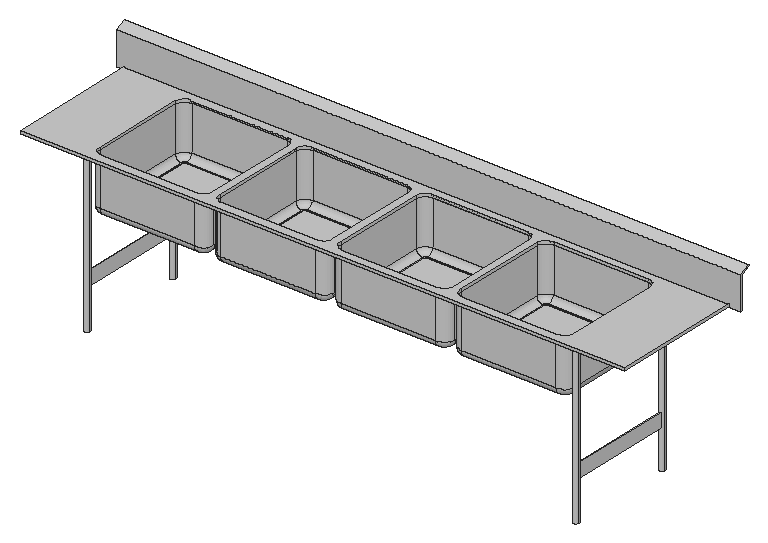
Revit family
Parameters (values of type "80" Width")
  Assembly Code = "E1090320"
  Counter Height = 2' - 10"
  Depth = 2' - 7"
  Left Drainboard = 1' - 3 1/4"
  Right Drainboard = 1' - 3 1/4"
  Width = 6' - 8"
Types (5): name | Assembly Code | Counter Height | Depth | Left Drainboard | Right Drainboard | Width
  (no name) | "E1090320" | 2' - 10" | 2' - 7" | 1' - 3 1/4" | 1' - 3 1/4" | 6' - 8"
  101" Width | "E1090320" | 2' - 10" | 2' - 7" | 2' - 1 3/4" | 2' - 1 3/4" | 8' - 5"
  80" Width | "E1090320" | 2' - 10" | 2' - 7" | 1' - 3 1/4" | 1' - 3 1/4" | 6' - 8"
  60" Width | "E1090320" | 2' - 10" | 2' - 7" | 0' - 5 1/4" | 0' - 5 1/4" | 5' - 0"
  2032mm Width | "" | 2' - 9.85827" | 2' - 6.90551" | 1' - 3.15748" | 1' - 3.15748" | 6' - 8"
Reference planes (in)
  plane 1 "Center F/B": y = -2.65766
  plane 2: z = 0
  plane 3 "Center L/R": x = 0.61769
  plane 4: y = 10.84234
  plane 5: y = -16.65766
  plane 6 "Top Of Counter": z = 34
  plane 7: z = 34.5
  plane 8: z = 23
  plane 9: y = 9.09234
  plane 10: x = -24.13231
  plane 11: y = -14.90766
  plane 12: x = 25.36769
  plane 13: z = 37.5
  plane 14: x = -0.13231
  plane 15: x = 1.36769
  plane 16: x = -11.75731
  plane 17: x = 12.99269
  plane 18: y = 12.84234
  plane 19: x = -39.38231
  plane 20: x = 40.61769
  plane 21: y = -18.15766
  plane 22: x = 52.36769
  plane 23: x = 50.86769
Forms (in)
  Extrusion 1, solid, material "Metal - Stainless Steel, Polished Plain"
    sketch origin (0, 0, 0) x (1, 0, 0) y (0, 1, 0)
      loop
        line (-37.88231, 10.84234) -> (-37.88231, -16.65766) -> (90.11769, -16.65766) -> (90.11769, 10.84234) -> (-37.88231, 10.84234)
      loop
        arc (-22.13231, 9.09234) -> (-23.54653, 8.50655) -> (-24.13231, 7.09234) r 2
        line (-24.13231, 7.09234) -> (-24.13231, -12.90766)
        arc (-24.13231, -12.90766) -> (-23.54653, -14.32187) -> (-22.13231, -14.90766) r 2
        line (-22.13231, -14.90766) -> (-2.13231, -14.90766)
        arc (-2.13231, -14.90766) -> (-0.7181, -14.32187) -> (-0.13231, -12.90766) r 2
        line (-0.13231, -12.90766) -> (-0.13231, 7.09234)
        arc (-0.13231, 7.09234) -> (-0.7181, 8.50655) -> (-2.13231, 9.09234) r 2
        line (-2.13231, 9.09234) -> (-22.13231, 9.09234)
      loop
        arc (23.36769, -14.90766) -> (24.7819, -14.32187) -> (25.36769, -12.90766) r 2
        line (25.36769, -12.90766) -> (25.36769, 7.09234)
        arc (25.36769, 7.09234) -> (24.7819, 8.50655) -> (23.36769, 9.09234) r 2
        line (23.36769, 9.09234) -> (3.36769, 9.09234)
        arc (3.36769, 9.09234) -> (1.95347, 8.50655) -> (1.36769, 7.09234) r 2
        line (1.36769, 7.09234) -> (1.36769, -12.90766)
        arc (1.36769, -12.90766) -> (1.95347, -14.32187) -> (3.36769, -14.90766) r 2
        line (3.36769, -14.90766) -> (23.36769, -14.90766)
      loop
        line (74.36769, 9.09234) -> (54.36769, 9.09234)
        arc (54.36769, 9.09234) -> (52.95347, 8.50655) -> (52.36769, 7.09234) r 2
        line (52.36769, 7.09234) -> (52.36769, -12.90766)
        arc (52.36769, -12.90766) -> (52.95347, -14.32187) -> (54.36769, -14.90766) r 2
        line (54.36769, -14.90766) -> (74.36769, -14.90766)
        arc (74.36769, -14.90766) -> (75.7819, -14.32187) -> (76.36769, -12.90766) r 2
        line (76.36769, -12.90766) -> (76.36769, 7.09234)
        arc (76.36769, 7.09234) -> (75.7819, 8.50655) -> (74.36769, 9.09234) r 2
      loop
        line (28.86769, -14.90766) -> (48.86769, -14.90766)
        arc (48.86769, -14.90766) -> (50.2819, -14.32187) -> (50.86769, -12.90766) r 2
        line (50.86769, -12.90766) -> (50.86769, 7.09234)
        arc (50.86769, 7.09234) -> (50.2819, 8.50655) -> (48.86769, 9.09234) r 2
        line (48.86769, 9.09234) -> (28.86769, 9.09234)
        arc (28.86769, 9.09234) -> (27.45347, 8.50655) -> (26.86769, 7.09234) r 2
        line (26.86769, 7.09234) -> (26.86769, -12.90766)
        arc (26.86769, -12.90766) -> (27.45347, -14.32187) -> (28.86769, -14.90766) r 2
    from 34 to 34.5
  Sweep 2, solid, material "Metal - Stainless Steel, Polished Plain"
    path origin (0, 0, 0) x (1, 0, 0) y (0, 1, 0)
      loop
        arc (-22.13231, 9.09234) -> (-23.54653, 8.50655) -> (-24.13231, 7.09234) r 2
        line (-24.13231, 7.09234) -> (-24.13231, -12.90766)
        arc (-24.13231, -12.90766) -> (-23.54653, -14.32187) -> (-22.13231, -14.90766) r 2
        line (-22.13231, -14.90766) -> (-2.13231, -14.90766)
        arc (-2.13231, -14.90766) -> (-0.7181, -14.32187) -> (-0.13231, -12.90766) r 2
        line (-0.13231, -12.90766) -> (-0.13231, 7.09234)
        arc (-0.13231, 7.09234) -> (-0.7181, 8.50655) -> (-2.13231, 9.09234) r 2
        line (-2.13231, 9.09234) -> (-22.13231, 9.09234)
    profile origin (-12.13231, 0, 0) x (0, 1, 0) y (0, 0, 1)
      loop
        line (9.09234, 34) -> (9.09234, 24.5)
        arc (9.09234, 24.5) -> (8.72622, 23.61612) -> (7.84234, 23.25) r 1.25
        line (7.84234, 23.25) -> (7.59234, 23.25) -> (7.59234, 23) -> (7.84234, 23)
        arc (7.84234, 23) -> (8.903, 23.43934) -> (9.34234, 24.5) r 1.5
        line (9.34234, 24.5) -> (9.34234, 34) -> (9.09234, 34)
  Extrusion 3, solid, material "Metal - Stainless Steel, Polished Plain"
    sketch origin (0, 0, 0) x (1, 0, 0) y (0, 1, 0)
      loop
        arc (-22.13231, 7.59234) -> (-22.48587, 7.44589) -> (-22.63231, 7.09234) r 0.5
        line (-22.63231, 7.09234) -> (-22.63231, -12.90766)
        arc (-22.63231, -12.90766) -> (-22.48587, -13.26121) -> (-22.13231, -13.40766) r 0.5
        line (-22.13231, -13.40766) -> (-2.13231, -13.40766)
        arc (-2.13231, -13.40766) -> (-1.77876, -13.26121) -> (-1.63231, -12.90766) r 0.5
        line (-1.63231, -12.90766) -> (-1.63231, 7.09234)
        arc (-1.63231, 7.09234) -> (-1.77876, 7.44589) -> (-2.13231, 7.59234) r 0.5
        line (-2.13231, 7.59234) -> (-22.13231, 7.59234)
      loop
        circle (-11.75731, -2.65766) r 1
    from 23 to 23.25
  Sweep 4, solid, material "Metal - Stainless Steel, Polished Plain"
    path origin (1.23537, 0, 0) x (-1, 0, 0) y (0, -1, 0)
      loop
        line (-22.13231, -9.09234) -> (-2.13231, -9.09234)
        arc (-2.13231, -9.09234) -> (-0.7181, -8.50655) -> (-0.13231, -7.09234) r 2
        line (-0.13231, -7.09234) -> (-0.13231, 12.90766)
        arc (-0.13231, 12.90766) -> (-0.7181, 14.32187) -> (-2.13231, 14.90766) r 2
        line (-2.13231, 14.90766) -> (-22.13231, 14.90766)
        arc (-22.13231, 14.90766) -> (-23.54653, 14.32187) -> (-24.13231, 12.90766) r 2
        line (-24.13231, 12.90766) -> (-24.13231, -7.09234)
        arc (-24.13231, -7.09234) -> (-23.54653, -8.50655) -> (-22.13231, -9.09234) r 2
    profile origin (13.36769, 0, 0) x (0, -1, 0) y (0, 0, 1)
      loop
        line (-9.09234, 34) -> (-9.34234, 34) -> (-9.34234, 24.5)
        arc (-9.34234, 24.5) -> (-8.903, 23.43934) -> (-7.84234, 23) r 1.5
        line (-7.84234, 23) -> (-7.59234, 23) -> (-7.59234, 23.25) -> (-7.84234, 23.25)
        arc (-7.84234, 23.25) -> (-8.72622, 23.61612) -> (-9.09234, 24.5) r 1.25
        line (-9.09234, 24.5) -> (-9.09234, 34)
  Extrusion 5, solid, material "Metal - Stainless Steel, Polished Plain"
    sketch origin (0, 0, 0) x (1, 0, 0) y (0, 1, 0)
      loop
        arc (3.36769, 7.69424) -> (3.01413, 7.5478) -> (2.86769, 7.19424) r 0.5
        line (2.86769, 7.19424) -> (2.86769, -12.90766)
        arc (2.86769, -12.90766) -> (3.01413, -13.26121) -> (3.36769, -13.40766) r 0.5
        line (3.36769, -13.40766) -> (23.36769, -13.40766)
        arc (23.36769, -13.40766) -> (23.72124, -13.26121) -> (23.86769, -12.90766) r 0.5
        line (23.86769, -12.90766) -> (23.86769, 7.19424)
        arc (23.86769, 7.19424) -> (23.72124, 7.5478) -> (23.36769, 7.69424) r 0.5
        line (23.36769, 7.69424) -> (3.36769, 7.69424)
      loop
        circle (12.99269, -2.65766) r 1
    from 23 to 23.25
  Extrusion 6, solid, material "Metal - Stainless Steel, Polished Plain"
    sketch origin (-27.13231, 0, 0) x (0, -1, 0) y (0, 0, 1)
      loop
        line (-10.84234, 34) -> (-10.84234, 41.0316) -> (-12.84234, 42) -> (-12.84234, 41.72224) -> (-11.09234, 40.87488) -> (-11.09234, 34) -> (-10.84234, 34)
    from 12.25 to -67.75
  Extrusion 7, solid, material "Metal - Stainless Steel, Polished Plain"
    sketch origin (0, 0, 0) x (1, 0, 0) y (0, 1, 0)
      loop
        circle (-25.63231, 8.46734) r 0.625
      loop
        circle (-25.63231, -14.28266) r 0.625
      loop
        circle (77.86769, -14.28266) r 0.625
      loop
        circle (77.86769, 8.46734) r 0.625
    from 0 to 34
  Extrusion 8, solid, material "Metal - Stainless Steel, Polished Plain"
    sketch origin (0, 0, 0) x (1, 0, 0) y (0, 1, 0)
      loop
        line (-25.88231, 8.46734) -> (-25.88231, -14.28266) -> (-25.63231, -14.28266) -> (-25.63231, 8.46734) -> (-25.88231, 8.46734)
      loop
        line (78.11769, 8.46734) -> (77.86769, 8.46734) -> (77.86769, -14.28266) -> (78.11769, -14.28266) -> (78.11769, 8.46734)
    from 8 to 11
  Sweep 9, solid, material "Metal - Stainless Steel, Polished Plain"
    path origin (52.23537, 0, 0) x (-1, 0, 0) y (0, 1, 0)
      loop
        arc (-22.13231, 9.09234) -> (-23.54653, 8.50655) -> (-24.13231, 7.09234) r 2
        line (-24.13231, 7.09234) -> (-24.13231, -12.90766)
        arc (-24.13231, -12.90766) -> (-23.54653, -14.32187) -> (-22.13231, -14.90766) r 2
        line (-22.13231, -14.90766) -> (-2.13231, -14.90766)
        arc (-2.13231, -14.90766) -> (-0.7181, -14.32187) -> (-0.13231, -12.90766) r 2
        line (-0.13231, -12.90766) -> (-0.13231, 7.09234)
        arc (-0.13231, 7.09234) -> (-0.7181, 8.50655) -> (-2.13231, 9.09234) r 2
        line (-2.13231, 9.09234) -> (-22.13231, 9.09234)
    profile origin (64.36769, 0, 0) x (0, -1, 0) y (0, 0, 1)
      loop
        line (-9.09234, 34) -> (-9.34234, 34) -> (-9.34234, 24.5)
        arc (-9.34234, 24.5) -> (-8.903, 23.43934) -> (-7.84234, 23) r 1.5
        line (-7.84234, 23) -> (-7.59234, 23) -> (-7.59234, 23.25) -> (-7.84234, 23.25)
        arc (-7.84234, 23.25) -> (-8.72622, 23.61612) -> (-9.09234, 24.5) r 1.25
        line (-9.09234, 24.5) -> (-9.09234, 34)
  Extrusion 10, solid, material "Metal - Stainless Steel, Polished Plain"
    sketch origin (52.23537, 0, 0) x (-1, 0, 0) y (0, -1, 0)
      loop
        line (-22.13231, -7.59234) -> (-2.13231, -7.59234)
        arc (-2.13231, -7.59234) -> (-1.77876, -7.44589) -> (-1.63231, -7.09234) r 0.5
        line (-1.63231, -7.09234) -> (-1.63231, 12.90766)
        arc (-1.63231, 12.90766) -> (-1.77876, 13.26121) -> (-2.13231, 13.40766) r 0.5
        line (-2.13231, 13.40766) -> (-22.13231, 13.40766)
        arc (-22.13231, 13.40766) -> (-22.48587, 13.26121) -> (-22.63231, 12.90766) r 0.5
        line (-22.63231, 12.90766) -> (-22.63231, -7.09234)
        arc (-22.63231, -7.09234) -> (-22.48587, -7.44589) -> (-22.13231, -7.59234) r 0.5
      loop
        circle (-11.75731, 2.65766) r 1
    from 23 to 23.25
  Sweep 11, solid, material "Metal - Stainless Steel, Polished Plain"
    path origin (51, 0, 0) x (1, 0, 0) y (0, 1, 0)
      loop
        arc (-22.13231, 9.09234) -> (-23.54653, 8.50655) -> (-24.13231, 7.09234) r 2
        line (-24.13231, 7.09234) -> (-24.13231, -12.90766)
        arc (-24.13231, -12.90766) -> (-23.54653, -14.32187) -> (-22.13231, -14.90766) r 2
        line (-22.13231, -14.90766) -> (-2.13231, -14.90766)
        arc (-2.13231, -14.90766) -> (-0.7181, -14.32187) -> (-0.13231, -12.90766) r 2
        line (-0.13231, -12.90766) -> (-0.13231, 7.09234)
        arc (-0.13231, 7.09234) -> (-0.7181, 8.50655) -> (-2.13231, 9.09234) r 2
        line (-2.13231, 9.09234) -> (-22.13231, 9.09234)
    profile origin (38.86769, 0, 0) x (0, 1, 0) y (0, 0, 1)
      loop
        line (9.09234, 34) -> (9.09234, 24.5)
        arc (9.09234, 24.5) -> (8.72622, 23.61612) -> (7.84234, 23.25) r 1.25
        line (7.84234, 23.25) -> (7.59234, 23.25) -> (7.59234, 23) -> (7.84234, 23)
        arc (7.84234, 23) -> (8.903, 23.43934) -> (9.34234, 24.5) r 1.5
        line (9.34234, 24.5) -> (9.34234, 34) -> (9.09234, 34)
  Extrusion 12, solid, material "Metal - Stainless Steel, Polished Plain"
    sketch origin (52.23537, 0, 0) x (-1, 0, 0) y (0, -1, 0)
      loop
        line (3.36769, -7.69424) -> (23.36769, -7.69424)
        arc (23.36769, -7.69424) -> (23.72124, -7.5478) -> (23.86769, -7.19424) r 0.5
        line (23.86769, -7.19424) -> (23.86769, 12.90766)
        arc (23.86769, 12.90766) -> (23.72124, 13.26121) -> (23.36769, 13.40766) r 0.5
        line (23.36769, 13.40766) -> (3.36769, 13.40766)
        arc (3.36769, 13.40766) -> (3.01413, 13.26121) -> (2.86769, 12.90766) r 0.5
        line (2.86769, 12.90766) -> (2.86769, -7.19424)
        arc (2.86769, -7.19424) -> (3.01413, -7.5478) -> (3.36769, -7.69424) r 0.5
      loop
        circle (12.99269, 2.65766) r 1
    from 23 to 23.25
  Extrusion 13, solid, material "Metal - Stainless Steel, Polished Plain"
    sketch origin (24.86769, 0, 0) x (0, -1, 0) y (0, 0, 1)
      loop
        line (-10.84234, 34) -> (-10.84234, 41.0316) -> (-12.84234, 42) -> (-12.84234, 41.72224) -> (-11.09234, 40.87488) -> (-11.09234, 34) -> (-10.84234, 34)
    from 12.25 to -67.75
Cuts and joins
  joined: Extrusion 6, Extrusion 13
Lines and regions (in)
  symbolic lines, style "Plan Rep"
    curve 1: line (91.61769, 10.84234, 0) -> (-39.38231, 10.84234, 0)
    curve 2: line (-37.88231, -16.65766, 0) -> (39.11769, -16.65766, 0)
    curve 3: line (-37.88231, 10.84234, 0) -> (-37.88231, -16.65766, 0)
    curve 4: line (-24.13231, 7.09234, 0) -> (-24.13231, -12.90766, 0)
    curve 5: line (-22.13231, -14.90766, 0) -> (-2.13231, -14.90766, 0)
    curve 6: line (25.36769, -12.90766, 0) -> (25.36769, 7.09234, 0)
    curve 7: line (23.36769, 9.09234, 0) -> (3.36769, 9.09234, 0)
    curve 8: arc (25.36769, 7.09234, 0) -> (24.7819, 8.50655, 0) -> (23.36769, 9.09234, 0) r 2
    curve 9: arc (23.36769, -14.90766, 0) -> (24.7819, -14.32187, 0) -> (25.36769, -12.90766, 0) r 2
    curve 10: arc (-24.13231, -12.90766, 0) -> (-23.54653, -14.32187, 0) -> (-22.13231, -14.90766, 0) r 2
    curve 11: arc (-22.13231, 9.09234, 0) -> (-23.54653, 8.50655, 0) -> (-24.13231, 7.09234, 0) r 2
    curve 12: line (-0.13231, 7.09234, 0) -> (-0.13231, -12.90766, 0)
    curve 13: line (1.36769, 7.09234, 0) -> (1.36769, -12.90766, 0)
    curve 14: line (3.36769, -14.90766, 0) -> (23.36769, -14.90766, 0)
    curve 15: line (-2.13231, 9.09234, 0) -> (-22.13231, 9.09234, 0)
    curve 16: arc (3.36769, 9.09234, 0) -> (1.95347, 8.50655, 0) -> (1.36769, 7.09234, 0) r 2
    curve 17: arc (1.36769, -12.90766, 0) -> (1.95347, -14.32187, 0) -> (3.36769, -14.90766, 0) r 2
    curve 18: arc (-0.13231, -12.90766, 0) -> (-0.7181, -14.32187, 0) -> (-2.13231, -14.90766, 0) r 2
    curve 19: arc (-0.13231, 7.09234, 0) -> (-0.7181, 8.50655, 0) -> (-2.13231, 9.09234, 0) r 2
    curve 20: arc (-12.75731, -2.65766, 0) -> (-11.75731, -1.65766, 0) -> (-10.75731, -2.65766, 0) r 1
    curve 21: arc (-10.75731, -2.65766, 0) -> (-11.75731, -3.65766, 0) -> (-12.75731, -2.65766, 0) r 1
    curve 22: arc (11.99269, -2.65766, 0) -> (12.99269, -1.65766, 0) -> (13.99269, -2.65766, 0) r 1
    curve 23: arc (13.99269, -2.65766, 0) -> (12.99269, -3.65766, 0) -> (11.99269, -2.65766, 0) r 1
    curve 24: line (-39.38231, 12.84234, 0) -> (91.61769, 12.84234, 0)
    curve 25: line (-39.38231, -18.15766, 0) -> (-39.38231, 12.84234, 0)
    curve 26: line (91.61769, -18.15766, 0) -> (-39.38231, -18.15766, 0)
    curve 27: line (91.61769, 12.84234, 0) -> (91.61769, -18.15766, 0)
    curve 28: line (-24.88231, 10.84234, 0) -> (-24.88231, -16.65766, 0)
    curve 29: line (76.36769, 7.09234, 0) -> (76.36769, -12.90766, 0)
    curve 30: line (74.36769, -14.90766, 0) -> (54.36769, -14.90766, 0)
    curve 31: line (26.86769, -12.90766, 0) -> (26.86769, 7.09234, 0)
    curve 32: line (28.86769, 9.09234, 0) -> (48.86769, 9.09234, 0)
    curve 33: arc (26.86769, 7.09234, 0) -> (27.45347, 8.50655, 0) -> (28.86769, 9.09234, 0) r 2
    curve 34: arc (28.86769, -14.90766, 0) -> (27.45347, -14.32187, 0) -> (26.86769, -12.90766, 0) r 2
    curve 35: arc (76.36769, -12.90766, 0) -> (75.7819, -14.32187, 0) -> (74.36769, -14.90766, 0) r 2
    curve 36: arc (74.36769, 9.09234, 0) -> (75.7819, 8.50655, 0) -> (76.36769, 7.09234, 0) r 2
    curve 37: line (52.36769, 7.09234, 0) -> (52.36769, -12.90766, 0)
    curve 38: line (50.86769, 7.09234, 0) -> (50.86769, -12.90766, 0)
    curve 39: line (48.86769, -14.90766, 0) -> (28.86769, -14.90766, 0)
    curve 40: line (54.36769, 9.09234, 0) -> (74.36769, 9.09234, 0)
    curve 41: arc (48.86769, 9.09234, 0) -> (50.2819, 8.50655, 0) -> (50.86769, 7.09234, 0) r 2
    curve 42: arc (50.86769, -12.90766, 0) -> (50.2819, -14.32187, 0) -> (48.86769, -14.90766, 0) r 2
    curve 43: arc (52.36769, -12.90766, 0) -> (52.95347, -14.32187, 0) -> (54.36769, -14.90766, 0) r 2
    curve 44: arc (52.36769, 7.09234, 0) -> (52.95347, 8.50655, 0) -> (54.36769, 9.09234, 0) r 2
    curve 45: arc (64.99269, -2.65766, 0) -> (63.99269, -1.65766, 0) -> (62.99269, -2.65766, 0) r 1
    curve 46: arc (62.99269, -2.65766, 0) -> (63.99269, -3.65766, 0) -> (64.99269, -2.65766, 0) r 1
    curve 47: arc (40.24269, -2.65766, 0) -> (39.24269, -1.65766, 0) -> (38.24269, -2.65766, 0) r 1
    curve 48: arc (38.24269, -2.65766, 0) -> (39.24269, -3.65766, 0) -> (40.24269, -2.65766, 0) r 1
    curve 49: line (77.11769, 10.84234, 0) -> (77.11769, -16.65766, 0)
Dimensions and locks (in)
  "Counter Height": plane 6 "Top Of Counter" to plane 2
  locked: plane 7 to plane 6 "Top Of Counter" at 0.5
  locked: plane 6 "Top Of Counter" to plane 8 at 11
  locked: plane 9 to plane 4 at 1.75
  locked: plane 13 to plane 7 at 3
  plane 14 to plane 3 "Center L/R" to plane 15 = 0' - 0 3/4" locked, 0' - 0 3/4" locked
  locked: plane 19 to Extrusion 1 sketch curve at 1.5
  "Depth": plane 18 to plane 21
  equal spacing: plane 18, plane 1 "Center F/B", plane 21
  locked: plane 18 to plane 4 at 2
  plane 22 to plane 23 = 0' - 1 1/2"
  aligned and locked: Extrusion 1 sketch curve to plane 5
  aligned and locked: Extrusion 1 sketch curve to plane 4
  aligned and locked: plane 6 "Top Of Counter" to Extrusion 1
  aligned and locked: Extrusion 1 to plane 7
  aligned and locked: plane 9 to Extrusion 1 sketch curve
  aligned and locked: plane 12 to Extrusion 1 sketch curve
  aligned and locked: Extrusion 1 sketch curve to plane 10
  aligned and locked: Extrusion 1 sketch curve to plane 11
  aligned and locked: plane 9 to Sweep 2 sketch curve
  aligned and locked: Sweep 2 sketch curve to plane 10
  aligned and locked: Sweep 2 sketch curve to plane 11
  aligned and locked: plane 8 to Extrusion 3
  aligned and locked: plane 6 "Top Of Counter" to Sweep 2 sketch curve
  aligned and locked: Sweep 2 sketch curve to Extrusion 1
  aligned and locked: Sweep 4 sketch curve to plane 12
  aligned and locked: Sweep 4 sketch curve to Extrusion 1
  aligned and locked: Sweep 4 sketch curve to plane 9
  aligned and locked: plane 11 to Sweep 4 sketch curve
  aligned and locked: plane 8 to Extrusion 5
  aligned and locked: curve 20 to Extrusion 3
  aligned and locked: curve 22 to Extrusion 5
  aligned and locked: Sweep 4 sketch curve to plane 6 "Top Of Counter"
  aligned and locked: plane 8 to Sweep 4 sketch curve
  aligned and locked: plane 8 to Sweep 2 sketch curve
  aligned and locked: Sweep 2 sketch curve to Sweep 4
  aligned and locked: Extrusion 3 to Sweep 2
  aligned and locked: Extrusion 5 sketch curve to Sweep 4
  aligned and locked: Sweep 2 to Extrusion 3 sketch curve  (x2)
  aligned and locked: Extrusion 3 sketch curve to Sweep 2
  aligned and locked: plane 19 to Extrusion 6
  aligned and locked: Extrusion 6 to plane 20
  aligned and locked: Extrusion 7 to plane 6 "Top Of Counter"
  aligned and locked: Sweep 9 sketch curve to Sweep 11
  aligned and locked: Extrusion 10 to Sweep 9
  aligned and locked: Extrusion 12 sketch curve to Sweep 11
  aligned and locked: Extrusion 10 sketch curve to Sweep 9  (x3)
Automatic sketch dimensions
  curve 45 to curve 46 = 0' - 0"  (x2)
  curve 47 to curve 48 = 0' - 0"  (x2)
  curve 25 to plane 18 = 0' - 0"
  curve 25 to plane 19 = 0' - 0"
  curve 3 to plane 5 = 0' - 0"
  curve 3 to plane 4 = 0' - 0"
  curve 4 to plane 10 = 0' - 0"
  curve 5 to plane 11 = 0' - 0"
  curve 15 to plane 9 = 0' - 0"
  curve 14 to plane 11 = 0' - 0"
  curve 16 to plane 9 = 0' - 0"
  curve 6 to plane 12 = 0' - 0"
  curve 39 to plane 11 = 0' - 0"
  curve 33 to plane 9 = 0' - 0"
  curve 47 to plane 1 "Center F/B" = 0' - 0"
  curve 40 to plane 9 = 0' - 0"
  curve 43 to plane 11 = 0' - 0"
  curve 46 to plane 1 "Center F/B" = 0' - 0"
  curve 49 to plane 5 = 0' - 0"
  curve 26 to plane 21 = 0' - 0"
  curve 3 to plane 19 = 0' - 1 1/2"
  plane 10 to curve 28 = 0' - 0 3/4"
  curve 5 to plane 10 = 0' - 2"
  curve 15 to plane 10 = 0' - 2"
  curve 15 to plane 3 "Center L/R" = 0' - 2 3/4"
  curve 5 to plane 3 "Center L/R" = 0' - 2 3/4"
  curve 12 to plane 3 "Center L/R" = 0' - 0 3/4"
  plane 3 "Center L/R" to curve 16 = 0' - 0 3/4"
  plane 9 to curve 16 = 0' - 2"
  plane 3 "Center L/R" to curve 14 = 0' - 2 3/4"
  plane 12 to curve 7 = 0' - 2"
  plane 12 to curve 9 = 0' - 2"
  curve 6 to curve 33 = 0' - 1 1/2"
  curve 34 to curve 39 = 0' - 2"
  curve 31 to curve 33 = 0' - 2"
  plane 20 to curve 47 = 0' - 2 3/8"
  plane 20 to curve 2 = 0' - 1 1/2"
  curve 47 to curve 48 = 0' - 1"
  curve 41 to plane 20 = 0' - 8 1/4"
  curve 39 to plane 20 = 0' - 8 1/4"
  plane 9 to curve 41 = 0' - 2"
  curve 41 to curve 37 = 0' - 1 1/2"
  curve 37 to curve 40 = 0' - 2"
  curve 43 to curve 43 = 0' - 2"
  curve 44 to curve 46 = 0' - 8 5/8"
  curve 46 to curve 45 = 0' - 1"
  curve 35 to plane 11 = 0' - 2"
  curve 45 to curve 35 = 0' - 9 3/8"
  plane 9 to curve 36 = 0' - 2"
  curve 35 to curve 49 = 0' - 2 3/4"
  curve 49 to curve 27 = 1' - 2 1/2"
  Extrusion 1 sketch curve to plane 11 = 0' - 0"  (x3)
  Extrusion 1 sketch curve to plane 14 = 0' - 0"
  Extrusion 1 sketch curve to plane 15 = 0' - 0"
  Extrusion 1 sketch curve to plane 9 = 0' - 0"  (x3)
  Extrusion 1 sketch curve to plane 23 = 0' - 0"
  Extrusion 1 sketch curve to plane 22 = 0' - 0"
  Extrusion 1 sketch curve to plane 10 = 0' - 2"  (x2)
  Extrusion 1 sketch curve to Extrusion 1 sketch curve = 0' - 2"  (x6)
  plane 14 to Extrusion 1 sketch curve = 0' - 2"
  Extrusion 1 sketch curve to plane 15 = 0' - 2"  (x2)
  plane 9 to Extrusion 1 sketch curve = 0' - 2"  (x2)
  Extrusion 1 sketch curve to Extrusion 1 sketch curve = 0' - 1 1/2"
  Extrusion 1 sketch curve to plane 23 = 0' - 2"
  plane 22 to Extrusion 1 sketch curve = 0' - 2"
  Extrusion 1 sketch curve to plane 11 = 0' - 2"
  Extrusion 1 sketch curve to Extrusion 1 sketch curve = 1' - 8"
  Extrusion 1 sketch curve to Extrusion 1 sketch curve = 1' - 1 3/4"
  Sweep 2 sketch curve to plane 10 = 0' - 2"  (x2)
  Sweep 2 sketch curve to plane 3 "Center L/R" = 0' - 2 3/4"  (x2)
  Sweep 2 sketch curve to Sweep 2 sketch curve = 0' - 0"  (x2)
  Sweep 2 sketch curve to profile plane = 0' - 0"
  profile plane to Sweep 2 sketch curve = 0' - 1 1/4"
  Sweep 2 sketch curve to Sweep 2 sketch curve = 0' - 0 1/4"
  Extrusion 3 sketch curve to Extrusion 3 sketch curve = 0' - 0"  (x2)
  Extrusion 3 sketch curve to plane 1 "Center F/B" = 0' - 0"
  Extrusion 3 sketch curve to plane 16 = 0' - 0"
  Extrusion 3 sketch curve to Extrusion 3 sketch curve = 0' - 0 1/2"  (x3)
  plane 16 to Extrusion 3 sketch curve = 0' - 1"
  Extrusion 3 sketch curve to plane 3 "Center L/R" = 0' - 2 3/4"  (x2)
  plane 12 to Sweep 4 sketch curve = 0' - 2"  (x2)
  plane 3 "Center L/R" to Sweep 4 sketch curve = 0' - 2 3/4"  (x2)
  Sweep 4 sketch curve to Sweep 4 sketch curve = 0' - 0"  (x2)
  Sweep 4 sketch curve to profile plane = 0' - 0"
  profile plane to Sweep 4 sketch curve = 0' - 0 1/4"
  Sweep 4 sketch curve to profile plane = 0' - 1 1/4"
  Sweep 4 sketch curve to Sweep 4 sketch curve = 0' - 0 1/4"
  Extrusion 5 sketch curve to Extrusion 5 sketch curve = 0' - 0"  (x2)
  Extrusion 5 sketch curve to plane 1 "Center F/B" = 0' - 0"
  Extrusion 5 sketch curve to plane 17 = 0' - 0"
  plane 17 to Extrusion 5 sketch curve = 0' - 1"
  Extrusion 5 sketch curve to plane 11 = 0' - 1 1/2"
  plane 3 "Center L/R" to Extrusion 5 sketch curve = 0' - 2 3/4"  (x2)
  plane 9 to Extrusion 5 sketch curve = 0' - 1.39809"
  Extrusion 5 sketch curve to Extrusion 5 sketch curve = 0' - 0 1/2"  (x3)
  Extrusion 6 sketch curve to plane 18 = 0' - 0"
  Extrusion 6 sketch curve to plane 6 "Top Of Counter" = 0' - 0"
  Extrusion 6 sketch curve to plane 4 = 0' - 0"
  Extrusion 6 sketch curve to Extrusion 6 sketch curve = 0' - 0 1/4"
  Extrusion 6 sketch curve to plane 13 = 0' - 3.37488"
  Extrusion 6 sketch curve to Extrusion 6 sketch curve = 0' - 0.15671"
  Extrusion 6 sketch curve to Extrusion 6 sketch curve = 0' - 0.84735"
  Extrusion 6 sketch curve to Extrusion 6 sketch curve = 0' - 0.27776"
  Extrusion 7 sketch curve to Extrusion 7 sketch curve = 0' - 0"  (x9)
  Extrusion 7 sketch curve to plane 11 = 0' - 0 5/8"  (x2)
  plane 10 to Extrusion 7 sketch curve = 0' - 2 1/8"  (x2)
  plane 9 to Extrusion 7 sketch curve = 0' - 0 5/8"  (x2)
  Extrusion 7 sketch curve to Extrusion 7 sketch curve = 0' - 0 5/8"  (x4)
  Extrusion 7 sketch curve to plane 20 = 3' - 0 5/8"
  Extrusion 8 sketch curve to plane 11 = 0' - 0 5/8"  (x2)
  plane 10 to Extrusion 8 sketch curve = 0' - 1 3/4"
  Extrusion 8 sketch curve to Extrusion 8 sketch curve = 0' - 0 1/4"  (x2)
  Extrusion 8 sketch curve to plane 20 = 3' - 1 1/4"
  plane 9 to Extrusion 8 sketch curve = 0' - 0 5/8"  (x2)
  Sweep 9 sketch curve to plane 11 = 0' - 0"
  Sweep 9 sketch curve to plane 9 = 0' - 0"
  Sweep 9 sketch curve to plane 9 = 0' - 2"  (x2)
  plane 20 to Sweep 9 sketch curve = 2' - 11 3/4"
  Sweep 9 sketch curve to Sweep 9 sketch curve = 0' - 2"
  plane 20 to Sweep 9 sketch curve = 1' - 1 3/4"  (x2)
  Sweep 9 sketch curve to Sweep 9 sketch curve = 0' - 0"  (x2)
  Sweep 9 sketch curve to profile plane = 0' - 0"
  Sweep 9 sketch curve to Sweep 9 sketch curve = 0' - 0 1/4"  (x2)
  Sweep 9 sketch curve to profile plane = 0' - 1 1/4"
  Sweep 9 sketch curve to Sweep 9 sketch curve = 0' - 9 1/2"
  Extrusion 10 sketch curve to Extrusion 10 sketch curve = 0' - 0"  (x2)
  Extrusion 10 sketch curve to plane 1 "Center F/B" = 0' - 0"
  Extrusion 10 sketch curve to Extrusion 10 sketch curve = 0' - 0 1/2"  (x3)
  Extrusion 10 sketch curve to Extrusion 10 sketch curve = 0' - 9 3/8"
  Extrusion 10 sketch curve to Extrusion 10 sketch curve = 0' - 1"
  plane 20 to Extrusion 10 sketch curve = 1' - 1 3/4"
  Extrusion 10 sketch curve to Extrusion 10 sketch curve = 0' - 8 5/8"
  Sweep 11 sketch curve to plane 11 = 0' - 0"
  Sweep 11 sketch curve to plane 9 = 0' - 0"
  Sweep 11 sketch curve to plane 12 = 0' - 1 1/2"
  Sweep 11 sketch curve to Sweep 11 sketch curve = 0' - 2"  (x2)
  Sweep 11 sketch curve to plane 20 = 0' - 8 1/4"  (x2)
  plane 9 to Sweep 11 sketch curve = 0' - 2"
  Sweep 11 sketch curve to Sweep 11 sketch curve = 0' - 0"  (x2)
  Sweep 11 sketch curve to profile plane = 0' - 0"
  profile plane to Sweep 11 sketch curve = 0' - 1 1/4"
  Sweep 11 sketch curve to Sweep 11 sketch curve = 0' - 0 1/4"
  Sweep 11 sketch curve to profile plane = 0' - 0 1/4"
  Sweep 11 sketch curve to Sweep 11 sketch curve = 0' - 9 1/2"
  Extrusion 12 sketch curve to Extrusion 12 sketch curve = 0' - 0"  (x2)
  Extrusion 12 sketch curve to plane 1 "Center F/B" = 0' - 0"
  Extrusion 12 sketch curve to Extrusion 12 sketch curve = 0' - 0 1/2"  (x3)
  Extrusion 12 sketch curve to plane 20 = 0' - 2 3/8"
  Extrusion 12 sketch curve to Extrusion 12 sketch curve = 0' - 1"
  plane 11 to Extrusion 12 sketch curve = 0' - 1 1/2"
  plane 20 to Extrusion 12 sketch curve = 0' - 8 1/4"  (x2)
  Extrusion 12 sketch curve to plane 9 = 0' - 1.39809"
  Extrusion 13 sketch curve to plane 18 = 0' - 0"
  Extrusion 13 sketch curve to plane 6 "Top Of Counter" = 0' - 0"
  Extrusion 13 sketch curve to plane 4 = 0' - 0"
  Extrusion 13 sketch curve to Extrusion 13 sketch curve = 0' - 0 1/4"
  Extrusion 13 sketch curve to plane 13 = 0' - 3.37488"
  Extrusion 13 sketch curve to Extrusion 13 sketch curve = 0' - 0.15671"
  Extrusion 13 sketch curve to Extrusion 13 sketch curve = 0' - 0.84735"
  Extrusion 13 sketch curve to Extrusion 13 sketch curve = 0' - 0.27776"
